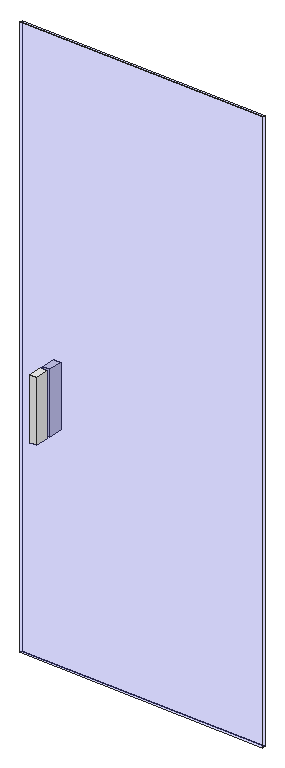
Revit family
Parameters
  간격띄우기 = 51.00 mm
  유리 재료 = 유리
Reference planes
  plane 1: y = 0
  plane 2: z = 0
  plane 3: x = 539.723
  plane 4: x = 82.523
  plane 5: x = 996.923
  plane 6: z = 2133.6
  plane 7: y = 51
Forms (mm)
  Extrusion 1, solid, material "유리" <- "유리 재료"
    sketch origin (0, 0, 0) x (1, 0, 0) y (0, 1, 0)
      loop
        line (82.523, 51) -> (82.523, 38.3) -> (996.923, 38.3) -> (996.923, 51) -> (82.523, 51)
    from 0 to 2133.6
  Extrusion 2, solid, material "금속 - 알루미늄"
    sketch origin (412.723, 51, 2133.6) x (0, 0, -1) y (-1, 0, 0)
      loop
        line (1143, 228.6) -> (1371.6, 228.6) -> (1371.6, 254) -> (1143, 254) -> (1143, 228.6)
    from 0 to 50.8
  Extrusion 3, solid, material "금속 - 알루미늄"
    sketch origin (82.523, 38.3, 2133.6) x (0, 0, -1) y (1, 0, 0)
      loop
        line (1143, 76.2) -> (1371.6, 76.2) -> (1371.6, 101.6) -> (1143, 101.6) -> (1143, 76.2)
    from 0 to 50.8
Lines and regions (mm)
  symbolic lines, style "DoorsPanelProjection"
    curve 1: line (996.923, 51, 0) -> (996.923, 965.4, 0)
  symbolic lines, style "입면도 스윙"
    curve 2: line (82.523, 51, 2133.6) -> (996.923, 51, 1066.8)
    curve 3: line (996.923, 51, 1066.8) -> (82.523, 51, 0)
  symbolic lines, style "평면 스윙"
    curve 4: arc (82.523, 51, 0) -> (350.345, 697.578, 0) -> (996.923, 965.4, 0) r 914.4
Text (mm)
  text "외부" at (-272.061, 797.241, 0), in view "기준선"
Dimensions and locks
  equal spacing: plane 4, plane 3, plane 5
  "간격띄우기": plane 1 to plane 7
  equal spacing: plane 2, curve 3, plane 6
  Extrusion 1 to Extrusion 3 = 76.20 mm
  aligned and locked: Extrusion 1 to plane 6
  aligned and locked: Extrusion 1 sketch curve to plane 4
  aligned and locked: Extrusion 1 to plane 2
Automatic sketch dimensions
  curve 4 to plane 4 = 0.00 mm
  curve 4 to plane 5 = 0.00 mm
  curve 4 to plane 7 = 0.00 mm
  curve 2 to plane 4 = 0.00 mm
  curve 2 to plane 6 = 0.00 mm
  curve 3 to level = 0.00 mm
  curve 3 to plane 4 = 0.00 mm
  curve 3 to plane 5 = 0.00 mm
  Extrusion 3 sketch curve to plane 4 = 101.60 mm
  level to Extrusion 3 sketch curve = 990.60 mm
  Extrusion 3 sketch curve to plane 4 = 76.20 mm
  Extrusion 3 sketch curve to Extrusion 3 sketch curve = 228.60 mm
  Extrusion 1 sketch curve to plane 5 = 0.00 mm
  Extrusion 1 sketch curve to plane 7 = 0.00 mm
  Extrusion 1 sketch curve to Extrusion 1 sketch curve = 12.70 mm
  Extrusion 2 sketch curve to plane 4 = 76.20 mm
  level to Extrusion 2 sketch curve = 990.60 mm
  Extrusion 2 sketch curve to plane 4 = 101.60 mm
  Extrusion 2 sketch curve to Extrusion 2 sketch curve = 228.60 mm
  curve 1 to plane 7 = 0.00 mm
